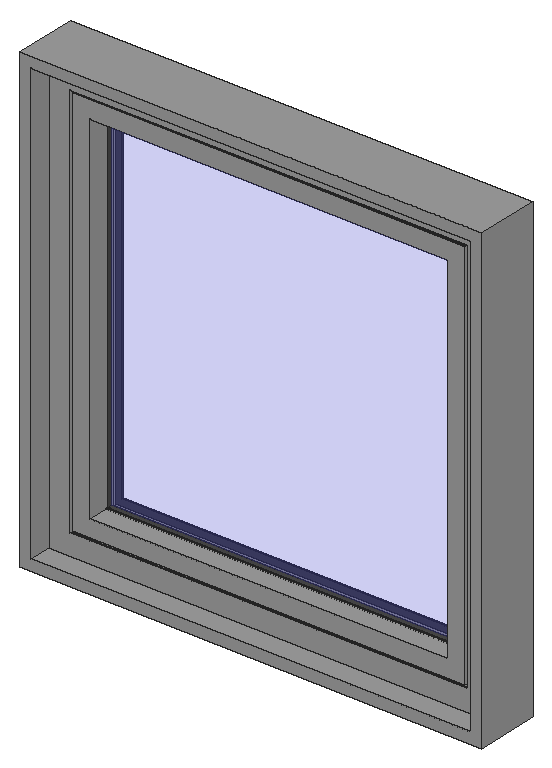
Revit family "SS_5_LAP OC001_v02", category Windows, host Wall, Revit 2015
Parameters
  Wall Thickness [instance] = 0' - 6"
  URL = "obe.com"
  Rough Width = Width + 0' 0 1/2"  # 3' - 0 1/2"
  Rough Height = Height + 0' 0 1/2"  # 3' - 0 1/2"
  Offset Limitation [instance] = if((Offset + 0' 5") > Wall Thickness, (Wall Thickness - 0' 5"), Offset)  # 0' - 0"
  Offset [instance] = 0' - 0"
  Model = "SS_5_LAP OC001"
  Manufacturer = "Oldcastle BuildingEnvelope®"
  Keynote = "08 51 00"
  Height = 3' - 0"
  Glass Material = Glass
  Gasket Material = Gasket
  Frame Material = Aluminum
  Description = "SIGNATURE SERIES 5 LAP"
  Default Sill Height = 3' - 0"
  Wall Closure = By host
  Width = 3' - 0"
  Assembly Code = "B2020"
Reference planes (in)
  plane 1 "Center (Front/Back)": y = 0
  plane 2: z = 0
  plane 3 "Center (Left/Right)": x = 0
  plane 4 "Left": x = -18.25
  plane 5 "Right": x = 18.25
  plane 6 "Sill": z = 36
  plane 7 "Top": z = 72.5
  plane 8: x = 18
  plane 9: x = -18
  plane 10: z = 72.25
  plane 11: z = 36.25
  plane 12 "Offset": y = 3
  plane 13: z = 69.00052
  plane 14: z = 39.49948
  plane 15 "EXT": y = 2.69269
  plane 16: z = 54.25
Forms (in)
  Sweep 1, solid, material "Aluminum" <- "Frame Material"
    path origin (0, 3, 0) x (1, 0, 0) y (0, 0, 1)
      loop
        line (18.25, 36.25) -> (-18.25, 36.25)
    profile origin (0, 3, 36.25) x (0, 0, -1) y (0, -1, 0)
      loop
        line (-1.36814, 0) -> (0.25, 0) -> (0.25, 5) -> (-0.625, 5) -> (-0.625, 3.25) -> (-2.3125, 3.25) -> (-2.3125, 3.17) -> (-1.36814, 3.17) -> (-1.36814, 0)
  Sweep 2, solid, material "Aluminum" <- "Frame Material"
    path origin (0, 3, 0) x (1, 0, 0) y (0, 0, 1)
      loop
        line (18.25, 72.25) -> (-18.25, 72.25)
    profile origin (0, 3, 72.25) x (0, 0, -1) y (0, -1, 0)
      loop
        line (0.625, 3.24905) -> (0.625, 5) -> (-0.25, 5) -> (-0.25, 0) -> (1.37477, 0) -> (1.37477, 3.16948) -> (2.31296, 3.16948) -> (2.31296, 3.24905) -> (0.625, 3.24905)
  Sweep 3, solid, material "Aluminum" <- "Frame Material"
    path origin (0, 3, 0) x (1, 0, 0) y (0, 0, 1)
      loop
        line (18, 36) -> (18, 72.5)
    profile origin (18, 3, 54.25) x (-1, 0, 0) y (0, -1, 0)
      loop
        line (-0.25, 0) -> (1.36814, 0) -> (1.36814, 3.17) -> (2.3125, 3.17) -> (2.3125, 3.24905) -> (0.625, 3.24905) -> (0.625, 5) -> (-0.25, 5) -> (-0.25, 0)
  Sweep 4, solid, material "Aluminum" <- "Frame Material"
    path origin (0, 3, 0) x (1, 0, 0) y (0, 0, 1)
      loop
        line (-18, 36) -> (-18, 72.5)
    profile origin (-18, 3, 54.25) x (-1, 0, 0) y (0, -1, 0)
      loop
        line (-0.625, 5) -> (-0.625, 3.24905) -> (-2.3125, 3.24905) -> (-2.3125, 3.17) -> (-1.36814, 3.17) -> (-1.36814, 0) -> (0.25, 0) -> (0.25, 5) -> (-0.625, 5)
  Sweep 5, solid, material "Gasket" <- "Gasket Material", detail levels fine
    path origin (0, 3, 0) x (1, 0, 0) y (0, 0, 1)
      loop
        line (18, 72.25) -> (-18, 72.25) -> (-18, 36.25) -> (18, 36.25) -> (18, 72.25)
    profile origin (0, 3, 72.25) x (0, 0, -1) y (0, -1, 0)
      loop
        line (3.53355, 0.18231) -> (3.88848, 0.18231) -> (3.88848, 0.03319) -> (3.92573, 0.04456) -> (4.0287, 0.30731) -> (3.53355, 0.30731) -> (3.53355, 0.18231)
  Sweep 6, solid, material "Gasket" <- "Gasket Material", detail levels fine
    path origin (0, 3, 0) x (1, 0, 0) y (0, 0, 1)
      loop
        line (18, 72.25) -> (-18, 72.25) -> (-18, 36.25) -> (18, 36.25) -> (18, 72.25)
    profile origin (0, 3, 72.25) x (0, 0, -1) y (0, -1, 0)
      loop
        line (3.9995, 1.30731) -> (3.91953, 1.56753)
        arc (3.91953, 1.56753) -> (3.90117, 1.58602) -> (3.87553, 1.58137) r 0.028
        line (3.87553, 1.58137) -> (3.88664, 1.50731) -> (3.71329, 1.50731) -> (3.64243, 1.41979) -> (3.552, 1.34656)
        arc (3.552, 1.34656) -> (3.54059, 1.32855) -> (3.54242, 1.30731) r 0.03334
        line (3.54242, 1.30731) -> (3.9995, 1.30731)
  Extrusion 7, solid, material "Glass" <- "Glass Material"
    sketch origin (0, 0, 36) x (0, -1, 0) y (1, 0, 0)
      loop
        line (-2.69269, -14.75052) -> (-1.69269, -14.75052) -> (-1.69269, 14.75052) -> (-2.69269, 14.75052) -> (-2.69269, -14.75052)
    from 3.49948 to 33.00052
  Sweep 8, solid, material "Aluminum" <- "Frame Material"
    path origin (0, 3, 0) x (1, 0, 0) y (0, 0, 1)
      loop
        line (16.86606, 72.25) -> (-16.86606, 72.25)
    profile origin (0, 3, 72.25) x (0, 0, -1) y (0, -1, 0)
      loop
        line (3.87448, 0.00831) -> (3.87448, 0.18231) -> (3.24948, 0.18231) -> (3.24948, 1.50731) -> (3.87448, 1.50731) -> (3.87448, 3.24905) -> (2.4995, 3.24905) -> (2.4995, 3.08998) -> (1.8426, 3.08998) -> (1.8426, 0) -> (1.13394, 0) -> (1.13394, -0.32169) -> (2.99948, -0.32169) -> (2.99948, 0.00831) -> (3.87448, 0.00831)
  Sweep 9, solid, material "Aluminum" <- "Frame Material"
    path origin (0, 3, 0) x (1, 0, 0) y (0, 0, 1)
      loop
        line (16.86606, 36.25) -> (-16.86606, 36.25)
    profile origin (0, 3, 36.25) x (0, 0, -1) y (0, -1, 0)
      loop
        line (-2.99948, -0.32169) -> (-1.13394, -0.32169) -> (-1.13394, 0) -> (-1.8426, 0) -> (-1.8426, 3.09) -> (-2.49948, 3.09) -> (-2.49948, 3.25) -> (-3.87448, 3.25) -> (-3.87448, 1.50731) -> (-3.24948, 1.50731) -> (-3.24948, 0.18231) -> (-3.87448, 0.18231) -> (-3.87448, 0.00831) -> (-2.99948, 0.00831) -> (-2.99948, -0.32169)
  Sweep 10, solid, material "Aluminum" <- "Frame Material"
    path origin (0, 3, 0) x (1, 0, 0) y (0, 0, 1)
      loop
        line (-18, 37.38394) -> (-18, 71.11606)
    profile origin (-18, 3, 54.25) x (-1, 0, 0) y (0, -1, 0)
      loop
        line (-3.87448, 1.50731) -> (-3.24948, 1.50731) -> (-3.24948, 0.18231) -> (-3.87448, 0.18231) -> (-3.87448, 0.00831) -> (-2.99948, 0.00831) -> (-2.99948, -0.32169) -> (-1.13394, -0.32169) -> (-1.13394, 0) -> (-1.8426, 0) -> (-1.8426, 3.17) -> (-2.3125, 3.17) -> (-2.3125, 3.25) -> (-3.87448, 3.25) -> (-3.87448, 1.50731)
  Sweep 11, solid, material "Aluminum" <- "Frame Material"
    path origin (0, 3, 0) x (1, 0, 0) y (0, 0, 1)
      loop
        line (18, 37.38394) -> (18, 71.11606)
    profile origin (18, 3, 54.25) x (-1, 0, 0) y (0, -1, 0)
      loop
        line (1.13394, -0.32169) -> (2.99948, -0.32169) -> (2.99948, 0.00831) -> (3.87448, 0.00831) -> (3.87448, 0.18231) -> (3.24948, 0.18231) -> (3.24948, 1.50731) -> (3.87448, 1.50731) -> (3.87448, 3.25) -> (2.49948, 3.25) -> (2.49948, 3.09) -> (1.8426, 3.09) -> (1.8426, 0) -> (1.13394, 0) -> (1.13394, -0.32169)
  Sweep 12, void
    path origin (0, 3, 0) x (1, 0, 0) y (0, 0, 1)
      loop
        line (-18, 69.93704) -> (-18, 38.5625)
    profile origin (-18, 3, 54.24977) x (0, -1, 0) y (1, 0, 0)
      loop
        line (3.25, 2.3125) -> (3.25, 2.50028) -> (3.09032, 2.50028) -> (3.09032, 2.3125) -> (3.25, 2.3125)
  Sweep 13, void
    path origin (0, 3, 0) x (1, 0, 0) y (0, 0, 1)
      loop
        line (-15.49972, 72.25) -> (15.50052, 72.25)
    profile origin (0.0004, 3, 72.25) x (0, 0, 1) y (0, -1, 0)
      loop
        line (-2.31296, 3.24905) -> (-2.4995, 3.24905) -> (-2.4995, 3.08998) -> (-2.31296, 3.08998) -> (-2.31296, 3.24905)
  Sweep 14, void
    path origin (0, 3, 0) x (1, 0, 0) y (0, 0, 1)
      loop
        line (-15.49972, 36.25) -> (15.50052, 36.25)
    profile origin (0.0004, 3, 36.25) x (0, 0, 1) y (0, -1, 0)
      loop
        line (2.3125, 3.24905) -> (2.3125, 3.08998) -> (2.49948, 3.08998) -> (2.49948, 3.24905) -> (2.3125, 3.24905)
  Sweep 15, void
    path origin (0, 3, 0) x (1, 0, 0) y (0, 0, 1)
      loop
        line (18, 38.5625) -> (18, 69.93704)
    profile origin (18, 3, 54.24977) x (-1, 0, 0) y (0, -1, 0)
      loop
        line (2.3125, 3.25) -> (2.3125, 3.08998) -> (2.49948, 3.08998) -> (2.49948, 3.25) -> (2.3125, 3.25)
Cuts and joins
  Sweep 12, Sweep 13, Sweep 14 cuts Sweep 1
  Sweep 12, Sweep 13, Sweep 14 cuts Sweep 2
  Sweep 12, Sweep 13, Sweep 14 cuts Sweep 3
  Sweep 12, Sweep 13, Sweep 14 cuts Sweep 4
  Sweep 12, Sweep 13, Sweep 14, Sweep 15 cuts Sweep 8
  Sweep 12, Sweep 13, Sweep 14, Sweep 15 cuts Sweep 9
  Sweep 12, Sweep 13, Sweep 14 cuts Sweep 10
  Sweep 12, Sweep 13, Sweep 14 cuts Sweep 11
  joined: Sweep 1, Sweep 2, Sweep 3, Sweep 4, Sweep 8, Sweep 9, Sweep 10, Sweep 11
Lines and regions (in)
  Opening 1
    outline origin (-60, -3, 0) x (1, 0, 0) y (0, 0, 1)
      loop
        line (41.75, 72.5) -> (41.75, 36) -> (78.25, 36) -> (78.25, 72.5) -> (41.75, 72.5)
  model lines, style "Opening Direction"
    curve 1: line (-14.12552, 2.69269, 68.37552) -> (14.12552, 2.69269, 54.25)
    curve 2: line (-14.12552, 2.69269, 40.12448) -> (14.12552, 2.69269, 54.25)
Text (in)
  text "EXTERIOR" at (-58.6888, 50.90694, 0), in view "Ref. Level"
  text "INTERIOR" at (-58.6888, -47.76638, 0), in view "Ref. Level"
  text "Exterior" at (0, 43.65631, 123.19604), in view "Left"
  text "Exterior" at (0, 18.29385, 125.04747), in view "Right"
  text "Min Operable Size\n\n18\" width x 18\" height\n\n\n\nMax Operable Size\n\n48\" x 72\"\n\n\n\nMax Operable Area\n\n15 square feet\n\n\n\n\n\nOperable Width must be less than or equal to height" at (92.42396, 66.7466, 0), in view "Ref. Level"
Dimensions and locks (in)
  equal spacing: plane 4 "Left", plane 3 "Center (Left/Right)", plane 5 "Right"
  "Rough Height": plane 6 "Sill" to plane 7 "Top"
  "Default Sill Height": plane 2 to plane 6 "Sill"
  locked: plane 6 "Sill" to plane 11 at 0.25
  locked: plane 8 to plane 5 "Right" at 0.25
  "Height": plane 11 to plane 10
  "Offset Limitation": plane 12 "Offset" to host wall
  "Wall Thickness": host wall to host wall
  "Width": plane 9 to plane 8
  "Rough Width": plane 4 "Left" to plane 5 "Right"
  Sweep 6 to Sweep 5 to plane 12 "Offset" = 0' - 1", 0' - 0.30731" locked
  locked: plane 11 to plane 14 at 3.24948
  locked: plane 10 to plane 13 at 3.24948
  Extrusion 7 sketch curve to Extrusion 7 sketch curve to plane 12 "Offset" = 0' - 1" locked, 0' - 0.30731" locked
  locked: plane 9 to Sweep 8 sketch curve at 1.13394
  locked: Sweep 8 sketch curve to plane 8 at 1.13394
  locked: plane 9 to Sweep 9 sketch curve at 1.13394
  locked: Sweep 9 sketch curve to plane 8 at 1.13394
  locked: plane 15 "EXT" to plane 12 "Offset" at 0.30731
  equal spacing: plane 6 "Sill", plane 16, plane 7 "Top"
  aligned and locked: plane 7 "Top" to Opening 1 sketch curve
  aligned and locked: plane 6 "Sill" to Opening 1 sketch curve  (x2)
  aligned and locked: plane 5 "Right" to Opening 1 sketch curve
  aligned and locked: plane 4 "Left" to Opening 1 sketch curve
  aligned and locked: level to plane 2
  aligned and locked: plane 5 "Right" to Sweep 1 sketch curve
  aligned and locked: plane 11 to Sweep 1 sketch curve
  aligned and locked: plane 4 "Left" to Sweep 1 sketch curve
  aligned and locked: plane 5 "Right" to Sweep 2 sketch curve
  aligned and locked: plane 10 to Sweep 2 sketch curve
  aligned and locked: plane 4 "Left" to Sweep 2 sketch curve
  aligned and locked: plane 6 "Sill" to Sweep 3 sketch curve
  aligned and locked: plane 8 to Sweep 3 sketch curve
  aligned and locked: plane 7 "Top" to Sweep 3 sketch curve
  aligned and locked: plane 9 to Sweep 4 sketch curve
  aligned and locked: Sweep 2 to Sweep 4 sketch curve
  aligned and locked: plane 6 "Sill" to Sweep 4 sketch curve
  aligned and locked: Sweep 6 sketch curve to nested 2
  aligned and locked: Extrusion 7 sketch curve to nested 1
  aligned and locked: nested 1 to Extrusion 7 sketch curve
  aligned and locked: Extrusion 7 to plane 14
  aligned and locked: plane 13 to Extrusion 7
  aligned and locked: plane 12 "Offset" to nested 1
  aligned and locked: plane 12 "Offset" to nested 2
  aligned and locked: plane 9 to Sweep 10 sketch curve
  aligned and locked: plane 10 to Sweep 8 sketch curve
  aligned and locked: plane 11 to Sweep 9 sketch curve
  aligned and locked: plane 16 to curve 1
  aligned and locked: plane 9 to Sweep 12 sketch curve
  aligned and locked: plane 10 to Sweep 13 sketch curve
  aligned and locked: plane 11 to Sweep 14 sketch curve
Automatic sketch dimensions
  Sweep 1 sketch curve to plane 12 "Offset" = 0' - 0"
  Sweep 1 sketch curve to Sweep 1 sketch curve = 0' - 1 3/4"
  Sweep 1 sketch curve to profile plane = 0' - 0 1/4"
  profile plane to Sweep 3 sketch curve = 0' - 0 1/4"
  Sweep 3 sketch curve to Sweep 3 sketch curve = 0' - 1.75095"
  profile plane to Sweep 4 sketch curve = 0' - 0 5/8"
  Sweep 4 sketch curve to profile plane = 0' - 0 1/4"
  Sweep 4 sketch curve to Sweep 4 sketch curve = 0' - 1.75095"
  plane 12 "Offset" to Sweep 5 sketch curve = 0' - 0.18231"
  Sweep 5 sketch curve to profile plane = 0' - 3.53355"
  Sweep 5 sketch curve to Sweep 5 sketch curve = 0' - 0.35493"
  plane 12 "Offset" to Sweep 5 sketch curve = 0' - 0.04456"
  Sweep 5 sketch curve to Sweep 5 sketch curve = 0' - 0.03725"
  Sweep 5 sketch curve to Sweep 5 sketch curve = 0' - 0.14022"
  plane 12 "Offset" to Sweep 5 sketch curve = 0' - 0.03319"
  Sweep 5 sketch curve to Sweep 5 sketch curve = 0' - 0 1/8"
  plane 12 "Offset" to Sweep 6 sketch curve = 0' - 1.30731"
  Sweep 6 sketch curve to profile plane = 0' - 3.54242"
  plane 12 "Offset" to Sweep 6 sketch curve = 0' - 1.34656"
  Sweep 6 sketch curve to Sweep 6 sketch curve = 0' - 0.00957"
  Sweep 6 sketch curve to Sweep 6 sketch curve = 0' - 0.02098"
  plane 12 "Offset" to Sweep 6 sketch curve = 0' - 1.41979"
  Sweep 6 sketch curve to Sweep 6 sketch curve = 0' - 0.09043"
  Sweep 6 sketch curve to Sweep 6 sketch curve = 0' - 0.07087"
  plane 12 "Offset" to Sweep 6 sketch curve = 0' - 1.58137"
  Sweep 6 sketch curve to Sweep 6 sketch curve = 0' - 0.16223"
  plane 12 "Offset" to Sweep 6 sketch curve = 0' - 1.50731"
  Sweep 6 sketch curve to Sweep 6 sketch curve = 0' - 0.01111"
  Sweep 6 sketch curve to Sweep 6 sketch curve = 0' - 0.01724"
  plane 12 "Offset" to Sweep 6 sketch curve = 0' - 1.56753"
  Sweep 6 sketch curve to Sweep 6 sketch curve = 0' - 0.02676"
  Sweep 6 sketch curve to Sweep 6 sketch curve = 0' - 0.11286"
  plane 8 to Sweep 6 sketch curve = 0' - 0"
  Sweep 6 sketch curve to plane 10 = 0' - 0"
  plane 9 to Sweep 5 sketch curve = 0' - 0"
  plane 8 to Sweep 5 sketch curve = 0' - 0"
  Sweep 5 sketch curve to plane 11 = 0' - 0"
  Sweep 5 sketch curve to plane 10 = 0' - 0"
  plane 9 to Sweep 6 sketch curve = 0' - 0"
  Sweep 2 sketch curve to plane 12 "Offset" = 0' - 0"
  profile plane to Sweep 2 sketch curve = 0' - 0 1/4"
  Sweep 2 sketch curve to profile plane = 0' - 0 5/8"
  Sweep 2 sketch curve to Sweep 2 sketch curve = 0' - 0.74977"
  Sweep 2 sketch curve to Sweep 2 sketch curve = 0' - 0.93819"
  plane 12 "Offset" to Sweep 2 sketch curve = 0' - 3.16948"
  Sweep 2 sketch curve to Sweep 2 sketch curve = 0' - 0.07957"
  Sweep 2 sketch curve to Sweep 2 sketch curve = 0' - 1.75095"
  profile plane to Sweep 1 sketch curve = 0' - 0 5/8"
  Sweep 1 sketch curve to Sweep 1 sketch curve = 0' - 3.17"
  Sweep 1 sketch curve to Sweep 1 sketch curve = 0' - 0.94436"
  Sweep 1 sketch curve to Sweep 1 sketch curve = 0' - 0.74314"
  Sweep 1 sketch curve to Sweep 1 sketch curve = 0' - 0.08"
  plane 12 "Offset" to Sweep 4 sketch curve = 0' - 0"
  Sweep 4 sketch curve to Sweep 4 sketch curve = 0' - 3.17"
  Sweep 4 sketch curve to Sweep 4 sketch curve = 0' - 0.94436"
  Sweep 4 sketch curve to Sweep 4 sketch curve = 0' - 0.74314"
  Sweep 4 sketch curve to Sweep 4 sketch curve = 0' - 0.07905"
  Sweep 3 sketch curve to profile plane = 0' - 0 5/8"
  plane 12 "Offset" to Sweep 3 sketch curve = 0' - 0"
  Sweep 3 sketch curve to Sweep 3 sketch curve = 0' - 0.94436"
  Sweep 3 sketch curve to Sweep 3 sketch curve = 0' - 3.17"
  Sweep 3 sketch curve to Sweep 3 sketch curve = 0' - 0.74314"
  Sweep 3 sketch curve to Sweep 3 sketch curve = 0' - 0.07905"
  Sweep 10 sketch curve to plane 11 = 0' - 1.13394"
  plane 10 to Sweep 10 sketch curve = 0' - 1.13394"
  plane 8 to Sweep 11 sketch curve = 0' - 0"
  Sweep 11 sketch curve to plane 11 = 0' - 1.13394"
  plane 10 to Sweep 11 sketch curve = 0' - 1.13394"
  curve 1 to plane 13 = 0' - 0 5/8"
  curve 1 to plane 9 = 0' - 3.87448"
  plane 8 to curve 1 = 0' - 3.87448"
  plane 14 to curve 2 = 0' - 0 5/8"
  curve 2 to plane 9 = 0' - 3.87448"
  plane 12 "Offset" to Sweep 12 sketch curve = 0' - 3.09032"
  Sweep 12 sketch curve to Sweep 12 sketch curve = 0' - 0.15968"
  Sweep 12 sketch curve to profile plane = 0' - 2 5/16"
  Sweep 12 sketch curve to Sweep 12 sketch curve = 0' - 0.18778"
  Sweep 12 sketch curve to plane 14 = 0' - 0.93698"
  plane 13 to Sweep 12 sketch curve = 0' - 0.93653"
  Sweep 13 sketch curve to plane 9 = 0' - 2.50028"
  plane 8 to Sweep 13 sketch curve = 0' - 2.49948"
  profile plane to Sweep 13 sketch curve = 0' - 2.4995"
  Sweep 13 sketch curve to Sweep 13 sketch curve = 0' - 0.18654"
  plane 12 "Offset" to Sweep 13 sketch curve = 0' - 3.08998"
  Sweep 13 sketch curve to Sweep 13 sketch curve = 0' - 0.15906"
  Sweep 14 sketch curve to plane 9 = 0' - 2.50028"
  plane 8 to Sweep 14 sketch curve = 0' - 2.49948"
  Sweep 14 sketch curve to profile plane = 0' - 2 5/16"
  Sweep 14 sketch curve to Sweep 14 sketch curve = 0' - 0.18698"
  plane 12 "Offset" to Sweep 14 sketch curve = 0' - 3.08998"
  Sweep 14 sketch curve to Sweep 14 sketch curve = 0' - 0.15906"
  plane 8 to Sweep 15 sketch curve = 0' - 0"
  Sweep 15 sketch curve to plane 11 = 0' - 2 5/16"
  plane 10 to Sweep 15 sketch curve = 0' - 2.31296"
  Sweep 15 sketch curve to profile plane = 0' - 2 5/16"
  Sweep 15 sketch curve to Sweep 15 sketch curve = 0' - 0.18698"
  plane 12 "Offset" to Sweep 15 sketch curve = 0' - 3.08998"
  Sweep 15 sketch curve to Sweep 15 sketch curve = 0' - 0.16002"
  Sweep 8 sketch curve to plane 12 "Offset" = 0' - 0"
  Sweep 8 sketch curve to profile plane = 0' - 1.13394"
  Sweep 8 sketch curve to Sweep 8 sketch curve = 0' - 0.70866"
  Sweep 8 sketch curve to Sweep 8 sketch curve = 0' - 0.6569"
  plane 12 "Offset" to Sweep 8 sketch curve = 0' - 0.00831"
  Sweep 8 sketch curve to Sweep 8 sketch curve = 0' - 1.15688"
  Sweep 8 sketch curve to Sweep 8 sketch curve = 0' - 0 1/4"
  Sweep 8 sketch curve to Sweep 8 sketch curve = 0' - 1 3/8"
  Sweep 8 sketch curve to Sweep 8 sketch curve = 0' - 0 5/8"
  Sweep 8 sketch curve to plane 12 "Offset" = 0' - 0.32169"
  Sweep 8 sketch curve to Sweep 8 sketch curve = 0' - 0.174"
  Sweep 8 sketch curve to Sweep 8 sketch curve = 0' - 1.325"
  Sweep 8 sketch curve to Sweep 8 sketch curve = 0' - 1.58268"
  Sweep 8 sketch curve to Sweep 8 sketch curve = 0' - 0.15906"
  Sweep 9 sketch curve to plane 12 "Offset" = 0' - 0"
  profile plane to Sweep 9 sketch curve = 0' - 3.87448"
  plane 12 "Offset" to Sweep 9 sketch curve = 0' - 0.18231"
  Sweep 9 sketch curve to Sweep 9 sketch curve = 0' - 0"
  Sweep 9 sketch curve to Sweep 9 sketch curve = 0' - 0 5/8"
  plane 12 "Offset" to Sweep 9 sketch curve = 0' - 0.00831"
  Sweep 9 sketch curve to Sweep 9 sketch curve = 0' - 0 1/4"
  Sweep 9 sketch curve to Sweep 9 sketch curve = 0' - 1 3/8"
  Sweep 9 sketch curve to Sweep 9 sketch curve = 0' - 1.15688"
  Sweep 9 sketch curve to Sweep 9 sketch curve = 0' - 0.70866"
  Sweep 9 sketch curve to plane 12 "Offset" = 0' - 0.32169"
  Sweep 9 sketch curve to Sweep 9 sketch curve = 0' - 1.325"
  Sweep 9 sketch curve to Sweep 9 sketch curve = 0' - 1.58269"
  Sweep 9 sketch curve to Sweep 9 sketch curve = 0' - 0.16"
  plane 12 "Offset" to Sweep 11 sketch curve = 0' - 0"
  Sweep 11 sketch curve to plane 12 "Offset" = 0' - 0.32169"
  Sweep 11 sketch curve to profile plane = 0' - 1.13394"
  Sweep 11 sketch curve to Sweep 11 sketch curve = 0' - 0.70866"
  Sweep 11 sketch curve to Sweep 11 sketch curve = 0' - 0.65688"
  Sweep 11 sketch curve to Sweep 11 sketch curve = 0' - 1.15688"
  Sweep 11 sketch curve to Sweep 11 sketch curve = 0' - 0 1/4"
  Sweep 11 sketch curve to Sweep 11 sketch curve = 0' - 1 3/8"
  plane 12 "Offset" to Sweep 11 sketch curve = 0' - 0.18231"
  Sweep 11 sketch curve to Sweep 11 sketch curve = 0' - 0 5/8"
  plane 12 "Offset" to Sweep 11 sketch curve = 0' - 0.00831"
  Sweep 11 sketch curve to Sweep 11 sketch curve = 0' - 1.325"
  Sweep 11 sketch curve to Sweep 11 sketch curve = 0' - 1.58269"
  Sweep 11 sketch curve to Sweep 11 sketch curve = 0' - 0.16"
  plane 12 "Offset" to Sweep 10 sketch curve = 0' - 0"
  plane 12 "Offset" to Sweep 10 sketch curve = 0' - 1.50731"
  profile plane to Sweep 10 sketch curve = 0' - 3.87448"
  plane 12 "Offset" to Sweep 10 sketch curve = 0' - 0.00831"
  Sweep 10 sketch curve to Sweep 10 sketch curve = 0' - 0"
  Sweep 10 sketch curve to Sweep 10 sketch curve = 0' - 0 5/8"
  Sweep 10 sketch curve to Sweep 10 sketch curve = 0' - 0 1/4"
  Sweep 10 sketch curve to Sweep 10 sketch curve = 0' - 1.56198"
  Sweep 10 sketch curve to Sweep 10 sketch curve = 0' - 0.4699"
  Sweep 10 sketch curve to Sweep 10 sketch curve = 0' - 0.70866"
  Sweep 10 sketch curve to plane 12 "Offset" = 0' - 0.32169"
  Sweep 10 sketch curve to Sweep 10 sketch curve = 0' - 0.174"
  Sweep 10 sketch curve to Sweep 10 sketch curve = 0' - 1.66269"
  Sweep 10 sketch curve to Sweep 10 sketch curve = 0' - 0.08"
Nested families (in)
  nested 1: "S-5000 LAP-Plan View" at (0, 3, 0.25), Default Sill Height <- "Default Sill Height", Height <- "Height", Width <- "Width", type "S-5000 LAP-Plan View"
    with Width 3' - 0", Height 3' - 0", Default Sill Height 3' - 0"
  nested 2: "S-5000 LAP-Section Operable" at (0, 3, 0.25), Default Sill Height <- "Default Sill Height", Height <- "Height", Width <- "Width", type "S-5000 LAP-Section Operable"
    with Width 3' - 0", Height 3' - 0", Default Sill Height 3' - 0"
Definition of nested family "S-5000 LAP-Plan View"
  Parameters (values of type "S-5000 LAP-Plan View")
    Width [instance] = 3' - 0"
    Height [instance] = 4' - 0"
    Default Sill Height [instance] = 3' - 0"
    Analytic Construction = "<None>"
  Reference planes (in)
    plane 1 "Center (Front/Back)": y = 0
    plane 2: z = 0
    plane 3 "Center (Left/Right)": x = 0
    plane 4: z = 36
  Lines and regions (in)
    model lines, not visible
      curve 1: line (0, 0, 36) -> (0, 0, 84)
  Dimensions and locks (in)
    "Default Sill Height": plane 4 to plane 2
    "Height": curve 1 to plane 4
    aligned and locked: plane 2 to level
    aligned and locked: plane 3 "Center (Left/Right)" to nested 1
    aligned and locked: plane 1 "Center (Front/Back)" to nested 1
    aligned and locked: plane 4 to curve 1
    aligned and locked: plane 1 "Center (Front/Back)" to curve 1
  Nested families (in)
    nested 1: "S-5000 LAP-Plan View" at (-12, 0, 0), Width <- "Width", type "S-5000 LAP-Plan View"
      with Width 3' - 0"
  Definition of nested family "S-5000 LAP-Plan View"
    Parameters (values of type "S-5000 LAP-Plan View")
      Width [instance] = 2' - 0"
    Reference planes (in)
      plane 1 "Center (Front/Back)": y = 0
      plane 2: z = 0
      plane 3 "C": x = 0
      plane 4: x = 24
      plane 5: x = 20.75052
      plane 6: x = 3.24948
      plane 7 "Center (Left/Right)": x = 12
    Lines and regions (in)
      detail lines, in view "Ref. Level"
        curve 1: line (3.24948, -0.30731, 0) -> (20.75052, -0.30731, 0)
        curve 2: line (3.24948, -1.30731, 0) -> (20.75052, -1.30731, 0)
    Dimensions and locks (in)
      "Width": plane 3 "C" to plane 4
      locked: plane 3 "C" to plane 6 at 3.24948
      locked: plane 5 to plane 4 at 3.24948
      equal spacing: plane 3 "C", plane 7 "Center (Left/Right)", plane 4
      aligned and locked: nested 2 to plane 3 "C"
      aligned and locked: nested 2 to plane 1 "Center (Front/Back)"
      aligned and locked: nested 1 to plane 1 "Center (Front/Back)"
      aligned and locked: nested 1 to plane 4
      aligned and locked: plane 6 to curve 1
      aligned and locked: plane 5 to curve 1
    Automatic sketch dimensions
      curve 2 to plane 6 = 0' - 0"
      curve 2 to plane 5 = 0' - 0"
      plane 1 "Center (Front/Back)" to curve 2 = 0' - 1.30731"
      plane 1 "Center (Front/Back)" to curve 1 = 0' - 0.30731"
    Nested families (in)
      nested 1: "S-5000 LAP-JAMB L" at (24, 0, 0) x (-1, 0, 0) z (0, 0, 1), type "S-5000 LAP-JAMB L", in view "Ref. Level"
      nested 2: "S-5000 LAP-JAMB R" at (0, 0, 0) x (-1, 0, 0) z (0, 0, 1), type "S-5000 LAP-JAMB R", in view "Ref. Level"
    Definition of nested family "S-5000 LAP-JAMB L"
      Reference planes (in)
        plane 1 "Center (Front/Back)": y = 0
        plane 2: z = 0
        plane 3 "Center (Left/Right)": x = 0
      Lines and regions (in)
        detail lines, in view "Ref. Level"
          curve 1: line (-0.25, 5, 0) -> (-0.25, 2.45303, 0)
          curve 2: line (-0.25, 2.45303, 0) -> (-0.25, 2.37303, 0)
          curve 3: line (-0.25, 2.37303, 0) -> (-0.25, 0.79697, 0)
          curve 4: line (-0.25, 0.79697, 0) -> (-0.25, 0.20716, 0)
          curve 5: line (-0.25, 0.20716, 0) -> (-0.25, 0.08, 0)
          curve 6: line (-0.25, 0.08, 0) -> (-0.25, 0, 0)
          curve 7: line (-0.25, 0, 0) -> (1.13394, 0, 0)
          curve 8: line (1.13394, 0, 0) -> (1.13394, -0.32169, 0)
          curve 9: line (1.13394, -0.32169, 0) -> (2.99948, -0.32169, 0)
          curve 10: line (2.99948, -0.32169, 0) -> (2.99948, 0.00831, 0)
          curve 11: line (2.99948, 0.00831, 0) -> (3.87448, 0.00831, 0)
          curve 12: line (3.87448, 0.00831, 0) -> (3.87448, 0.30731, 0)
          curve 13: line (3.87448, 0.30731, 0) -> (3.24948, 0.30731, 0)
          curve 14: line (3.24948, 0.30731, 0) -> (3.24948, 1.30731, 0)
          curve 15: line (3.24948, 1.30731, 0) -> (3.87448, 1.30731, 0)
          curve 16: line (3.87448, 1.30731, 0) -> (3.87448, 3.24905, 0)
          curve 17: line (3.87448, 3.24905, 0) -> (0.625, 3.24905, 0)
          curve 18: line (0.625, 3.24905, 0) -> (0.625, 5, 0)
          curve 19: line (0.625, 5, 0) -> (-0.25, 5, 0)
    Definition of nested family "S-5000 LAP-JAMB R"
      Reference planes (in)
        plane 1 "Center (Front/Back)": y = 0
        plane 2: z = 0
        plane 3 "Center (Left/Right)": x = 0
      Lines and regions (in)
        detail lines, in view "Ref. Level"
          curve 1: line (0.25, 5, 0) -> (0.25, 2.45303, 0)
          curve 2: line (0.25, 2.45303, 0) -> (0.25, 2.37303, 0)
          curve 3: line (0.25, 2.37303, 0) -> (0.25, 0.79697, 0)
          curve 4: line (0.25, 0.79697, 0) -> (0.25, 0.20716, 0)
          curve 5: line (0.25, 0.20716, 0) -> (0.25, 0.08, 0)
          curve 6: line (0.25, 0.08, 0) -> (0.25, 0, 0)
          curve 7: line (0.25, 0, 0) -> (-1.13394, 0, 0)
          curve 8: line (-1.13394, 0, 0) -> (-1.13394, -0.32169, 0)
          curve 9: line (-1.13394, -0.32169, 0) -> (-2.99948, -0.32169, 0)
          curve 10: line (-2.99948, -0.32169, 0) -> (-2.99948, 0.00831, 0)
          curve 11: line (-2.99948, 0.00831, 0) -> (-3.87448, 0.00831, 0)
          curve 12: line (-3.87448, 0.00831, 0) -> (-3.87448, 0.30731, 0)
          curve 13: line (-3.87448, 0.30731, 0) -> (-3.24948, 0.30731, 0)
          curve 14: line (-3.24948, 0.30731, 0) -> (-3.24948, 1.30731, 0)
          curve 15: line (-3.24948, 1.30731, 0) -> (-3.87448, 1.30731, 0)
          curve 16: line (-3.87448, 1.30731, 0) -> (-3.87448, 3.24905, 0)
          curve 17: line (-3.87448, 3.24905, 0) -> (-0.625, 3.24905, 0)
          curve 18: line (-0.625, 3.24905, 0) -> (-0.625, 5, 0)
          curve 19: line (-0.625, 5, 0) -> (0.25, 5, 0)
Definition of nested family "S-5000 LAP-Section Operable"
  Parameters (values of type "S-5000 LAP-Section Operable")
    Width [instance] = 4' - 0"
    Height [instance] = 4' - 0"
    Default Sill Height [instance] = 3' - 0"
    Analytic Construction = "<None>"
  Reference planes (in)
    plane 1 "Center (Front/Back)": y = 0
    plane 2: z = 0
    plane 3 "Center (Left/Right)": x = 0
    plane 4: z = 36
  Lines and regions (in)
    model lines, not visible
      curve 1: line (-24, 0, 0) -> (24, 0, 0)
  Dimensions and locks (in)
    "Default Sill Height": plane 4 to plane 2
    equal spacing: curve 1, plane 3 "Center (Left/Right)", curve 1
    "Width": curve 1 to curve 1
    aligned and locked: plane 2 to level
    aligned and locked: plane 1 "Center (Front/Back)" to curve 1
    aligned and locked: plane 4 to nested 1
    aligned and locked: nested 1 to plane 1 "Center (Front/Back)"
  Nested families (in)
    nested 1: "S-5000 LAP-Section Operable" at (0, 0, 36) x (0, -1, 0) z (1, 0, 0), Height <- "Height", type "S-5000 LAP-Section Operable"
      with Height 4' - 0"
  Definition of nested family "S-5000 LAP-Section Operable"
    Parameters (values of type "S-5000-Section Operable")
      Height [instance] = 3' - 0"
    Reference planes (in)
      plane 1 "Center (Front/Back)": y = 0
      plane 2: z = 0
      plane 3 "Center (Left/Right)": x = 0
      plane 4: y = 36
      plane 5: y = 32.75052
      plane 6: y = 3.24948
    Lines and regions (in)
      detail lines, in view "Ref. Level"
        curve 1: line (1.30731, 32.75052, 0) -> (1.30731, 3.24948, 0)
        curve 2: line (0.30731, 32.75052, 0) -> (0.30731, 3.24948, 0)
    Dimensions and locks (in)
      "Height": plane 1 "Center (Front/Back)" to plane 4
      locked: plane 6 to plane 1 "Center (Front/Back)" at 3.24948
      locked: plane 4 to plane 5 at 3.24948
      aligned and locked: plane 3 "Center (Left/Right)" to nested 1
      aligned and locked: nested 1 to plane 4
      aligned and locked: plane 3 "Center (Left/Right)" to nested 2
      aligned and locked: plane 1 "Center (Front/Back)" to nested 2
      aligned and locked: plane 5 to curve 1
      aligned and locked: plane 6 to curve 1
    Automatic sketch dimensions
      curve 2 to plane 5 = 0' - 0"
      curve 2 to plane 6 = 0' - 0"
      plane 3 "Center (Left/Right)" to curve 2 = 0' - 0.30731"
      curve 2 to curve 1 = 0' - 1"
    Nested families (in)
      nested 1: "S-5000 LAP-HEAD" at (0, 36, 0), type "S-5000 LAP-HEAD", in view "Ref. Level"
      nested 2: "S-5000 LAP-SILL" at (0, 0, 0), type "S-5000 LAP-SILL", in view "Ref. Level"
    Definition of nested family "S-5000 LAP-HEAD"
      Reference planes (in)
        plane 1 "Center (Front/Back)": y = 0
        plane 2: z = 0
        plane 3 "Center (Left/Right)": x = 0
      Lines and regions (in)
        detail lines, in view "Ref. Level"
          curve 1: line (3.24905, -3.87448, 0) -> (3.24905, -0.625, 0)
          curve 2: line (3.24905, -0.625, 0) -> (5, -0.625, 0)
          curve 3: line (5, -0.625, 0) -> (5, 0.25, 0)
          curve 4: line (5, 0.25, 0) -> (4.92, 0.25, 0)
          curve 5: line (4.92, 0.25, 0) -> (3.17, 0.25, 0)
          curve 6: line (3.17, 0.25, 0) -> (2.45303, 0.25, 0)
          curve 7: line (2.45303, 0.25, 0) -> (2.37303, 0.25, 0)
          curve 8: line (2.37303, 0.25, 0) -> (0.79697, 0.25, 0)
          curve 9: line (0.79697, 0.25, 0) -> (0.20716, 0.25, 0)
          curve 10: line (0.20716, 0.25, 0) -> (0.08, 0.25, 0)
          curve 11: line (0.08, 0.25, 0) -> (0, 0.25, 0)
          curve 12: line (0, 0.25, 0) -> (0, -1.13394, 0)
          curve 13: line (0, -1.13394, 0) -> (-0.32169, -1.13394, 0)
          curve 14: line (-0.32169, -1.13394, 0) -> (-0.32169, -2.99948, 0)
          curve 15: line (-0.32169, -2.99948, 0) -> (0.00831, -2.99948, 0)
          curve 16: line (0.00831, -2.99948, 0) -> (0.00831, -3.87448, 0)
          curve 17: line (0.00831, -3.87448, 0) -> (0.30731, -3.87448, 0)
          curve 18: line (0.30731, -3.87448, 0) -> (0.30731, -3.24948, 0)
          curve 19: line (0.30731, -3.24948, 0) -> (1.30731, -3.24948, 0)
          curve 20: line (1.30731, -3.24948, 0) -> (1.30731, -3.87448, 0)
          curve 21: line (1.30731, -3.87448, 0) -> (3.24905, -3.87448, 0)
    Definition of nested family "S-5000 LAP-SILL"
      Reference planes (in)
        plane 1 "Center (Front/Back)": y = 0
        plane 2: z = 0
        plane 3 "Center (Left/Right)": x = 0
      Lines and regions (in)
        detail lines, in view "Ref. Level"
          curve 1: line (3.25, 0.625, 0) -> (3.25, 3.87448, 0)
          curve 2: line (3.25, 3.87448, 0) -> (1.30731, 3.87448, 0)
          curve 3: line (1.30731, 3.87448, 0) -> (1.30731, 3.24948, 0)
          curve 4: line (1.30731, 3.24948, 0) -> (0.30731, 3.24948, 0)
          curve 5: line (0.30731, 3.24948, 0) -> (0.30731, 3.87448, 0)
          curve 6: line (0.30731, 3.87448, 0) -> (0.00831, 3.87448, 0)
          curve 7: line (0.00831, 3.87448, 0) -> (0.00831, 2.99948, 0)
          curve 8: line (0.00831, 2.99948, 0) -> (-0.32169, 2.99948, 0)
          curve 9: line (-0.32169, 2.99948, 0) -> (-0.32169, 1.13394, 0)
          curve 10: line (-0.32169, 1.13394, 0) -> (0, 1.13394, 0)
          curve 11: line (0, 1.13394, 0) -> (0, -0.25, 0)
          curve 12: line (0, -0.25, 0) -> (0.08, -0.25, 0)
          curve 13: line (0.08, -0.25, 0) -> (2.37303, -0.25, 0)
          curve 14: line (2.37303, -0.25, 0) -> (2.45303, -0.25, 0)
          curve 15: line (2.45303, -0.25, 0) -> (3.17, -0.25, 0)
          curve 16: line (3.17, -0.25, 0) -> (3.82733, -0.25, 0)
          curve 17: line (3.82733, -0.25, 0) -> (4.31275, -0.25, 0)
          curve 18: line (4.31275, -0.25, 0) -> (4.92, -0.25, 0)
          curve 19: line (4.92, -0.25, 0) -> (5, -0.25, 0)
          curve 20: line (5, -0.25, 0) -> (5, 0.625, 0)
          curve 21: line (5, 0.625, 0) -> (3.25, 0.625, 0)
